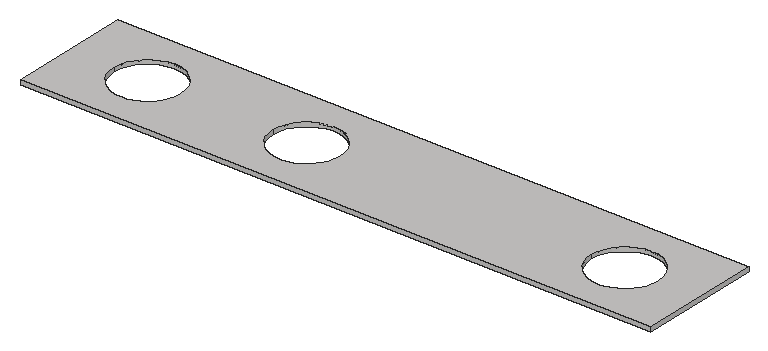
Revit family "003", category Generic Models, Revit 2012
Parameters (values of type "Standard")
  e-mail = "info@vola.com"
  URL = "http://vola.com"
  Telephone = "+45 7023 5500"
  Quality management standard = "ISO 9001"
  Organisation no. / DUNS no. = "17531328"
  Occupational health and safety management standard = "ISO 18001"
  Mounting Instructions = "http://vola.com/service/producturl.ashx?name=003"
  Model = "003"
  Materials and components information = "http://vola.com/service/producturl.ashx?name=003"
  Manufacturer = "VOLA A/S"
  Maintenance Instructions = "http://vola.com/service/producturl.ashx?name=003"
  Guarantee = "2 years"
  Environmental management standard = "ISO 14000"
  Connection - All relevant connections = ""
  Approvals = "http://vola.com/service/producturl.ashx?name=003"
Reference planes
  plane 1 "Center (Front/Back)": y = 0
  plane 2: z = 0
  plane 3 "Center (Left/Right)": x = 0
Forms (mm)
  Extrusion 1, solid, material "Stainless Steel"
    sketch origin (0, 0, 0) x (1, 0, 0) y (0, 1, 0)
      loop
        line (-154.5, 30) -> (-154.5, -30) -> (154.5, -30) -> (154.5, 30) -> (-154.5, 30)
      loop
        circle (-38.064, 0) r 16.5
      loop
        circle (-116.064, 0) r 16.5
      loop
        circle (117.936, 0) r 16.5
    from 0 to 2
Dimensions and locks
  aligned and locked: plane 2 to level
